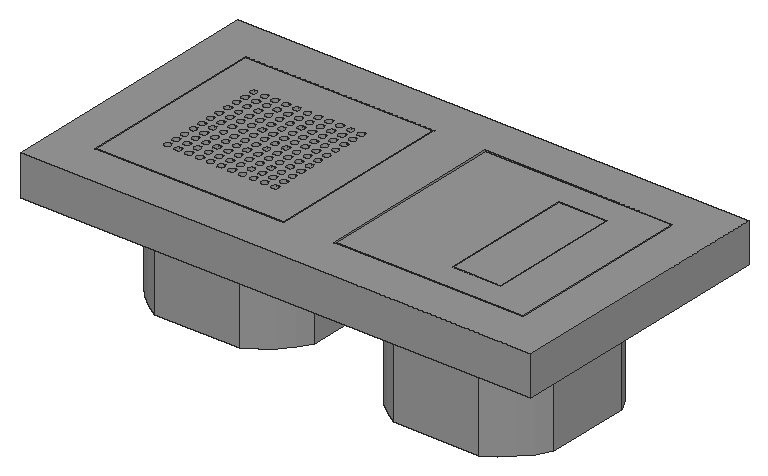
Revit family "Gira_228028", category Electrical Fixtures, host Face, Revit 2017
Family settings
  Host = Face
  Maintain Annotation Orientation = Yes
  Round Connector Dimension = Use Diameter
  Part Type = Normal
  Cut with Voids When Loaded = No
  Shared = No
  Room Calculation Point = No
Parameters (values of type "UP-Radio RDS Lautsprecher System 55 Anthrazit")
  Zusammenstellung = "Basiselement mit Gehäuse-Oberteil"
  Werkstoffgüte = "sonstige"
  Werkstoff = "sonstige"
  URL = "http://katalog.gira.de/de_DE/datenblatt.html?artikelnr=228028"
  Region = "DE"
  Oberfläche = "sonstige"
  Name = "UP-Radio RDS Lautsprecher System 55 Anthrazit"
  Montageart = "unter Putz"
  Manufacturer URL = "https://www.gira.de/"
  Keynote = "Sys55_Komplettgerät_UP-Radio"
  HeinzeBIM = "https://bimportal.heinze.de/bim/up-radio-rds-lautsprecher-system-55-anthrazit/1700b5892ac4bcd96844eb3dd96e375392fb3fc2"
  Halogenfrei = "No"
  HAN = "228028"
  GTIN = "4010337068044"
  Farbe = "anthrazit"
  Default Elevation = 1219.2 mm
  Data sheet (1) = "https://katalog.gira.de/de_DE/download.html?artikelnr=228028"
  Category = "Elektronik-Gerät für Installationsschalterprogramme"
  Befestigungsart = "Krallen-/Schraubbefestigung"
  Available = "Yes"
  Ausführung der Oberfläche = "glänzend"
  Ausführung = "Radio (*en-EN)"
Reference planes
  plane 1 "Center (Front/Back)": y = 0
  plane 2 "Reference Level 0": z = 0
  plane 3 "Center (Left/Right)": x = 0
  plane 4 "Reference Level 1": z = 11.9
Forms (mm)
  Extrusion 1, solid, material "White", detail levels medium+fine
    sketch origin (0, 0, 0) x (1, 0, 0) y (0, 1, 0)
      loop
        line (-75.892, 40.342) -> (-75.892, -40.342) -> (75.892, -40.342) -> (75.892, 40.342) -> (-75.892, 40.342)
      loop
        line (-7.45, 28.1) -> (-63.65, 28.1) -> (-63.65, -28.1) -> (-7.45, -28.1) -> (-7.45, 28.1)
      loop
        line (7.45, 28.1) -> (7.45, -28.1) -> (63.65, -28.1) -> (63.65, 28.1) -> (7.45, 28.1)
    from 0 to 11.9
  Extrusion 2, solid, material "White", detail levels fine
    sketch origin (0, 0, 0) x (1, 0, 0) y (0, 1, 0)
      loop
        circle (-19.55, 16) r 1
      loop
        circle (-22.75, 16) r 1
      loop
        circle (-25.95, 16) r 1
      loop
        circle (-29.15, 16) r 1
      loop
        circle (-32.35, 16) r 1
      loop
        circle (-35.55, 16) r 1
      loop
        circle (-38.75, 16) r 1
      loop
        circle (-41.95, 16) r 1
      loop
        circle (-45.15, 16) r 1
      loop
        circle (-48.35, 16) r 1
      loop
        circle (-51.55, 16) r 1
      loop
        circle (-19.55, 12.8) r 1
      loop
        circle (-22.75, 12.8) r 1
      loop
        circle (-25.95, 12.8) r 1
      loop
        circle (-29.15, 12.8) r 1
      loop
        circle (-32.35, 12.8) r 1
      loop
        circle (-35.55, 12.8) r 1
      loop
        circle (-38.75, 12.8) r 1
      loop
        circle (-41.95, 12.8) r 1
      loop
        circle (-45.15, 12.8) r 1
      loop
        circle (-48.35, 12.8) r 1
      loop
        circle (-51.55, 12.8) r 1
      loop
        circle (-19.55, 9.6) r 1
      loop
        circle (-22.75, 9.6) r 1
      loop
        circle (-25.95, 9.6) r 1
      loop
        circle (-29.15, 9.6) r 1
      loop
        circle (-32.35, 9.6) r 1
      loop
        circle (-35.55, 9.6) r 1
      loop
        circle (-38.75, 9.6) r 1
      loop
        circle (-41.95, 9.6) r 1
      loop
        circle (-45.15, 9.6) r 1
      loop
        circle (-48.35, 9.6) r 1
      loop
        circle (-51.55, 9.6) r 1
      loop
        circle (-19.55, 6.4) r 1
      loop
        circle (-22.75, 6.4) r 1
      loop
        circle (-25.95, 6.4) r 1
      loop
        circle (-29.15, 6.4) r 1
      loop
        circle (-32.35, 6.4) r 1
      loop
        circle (-35.55, 6.4) r 1
      loop
        circle (-38.75, 6.4) r 1
      loop
        circle (-41.95, 6.4) r 1
      loop
        circle (-45.15, 6.4) r 1
      loop
        circle (-48.35, 6.4) r 1
      loop
        circle (-51.55, 6.4) r 1
      loop
        circle (-19.55, 3.2) r 1
      loop
        circle (-22.75, 3.2) r 1
      loop
        circle (-25.95, 3.2) r 1
      loop
        circle (-29.15, 3.2) r 1
      loop
        circle (-32.35, 3.2) r 1
      loop
        circle (-35.55, 3.2) r 1
      loop
        circle (-38.75, 3.2) r 1
      loop
        circle (-41.95, 3.2) r 1
      loop
        circle (-45.15, 3.2) r 1
      loop
        circle (-48.35, 3.2) r 1
      loop
        circle (-51.55, 3.2) r 1
      loop
        circle (-19.55, 0) r 1
      loop
        circle (-22.75, 0) r 1
      loop
        circle (-25.95, 0) r 1
      loop
        circle (-29.15, 0) r 1
      loop
        circle (-32.35, 0) r 1
      loop
        circle (-35.55, 0) r 1
      loop
        circle (-38.75, 0) r 1
      loop
        circle (-41.95, 0) r 1
      loop
        circle (-45.15, 0) r 1
      loop
        circle (-48.35, 0) r 1
      loop
        circle (-51.55, 0) r 1
      loop
        circle (-19.55, -3.2) r 1
      loop
        circle (-22.75, -3.2) r 1
      loop
        circle (-25.95, -3.2) r 1
      loop
        circle (-29.15, -3.2) r 1
      loop
        circle (-32.35, -3.2) r 1
      loop
        circle (-35.55, -3.2) r 1
      loop
        circle (-38.75, -3.2) r 1
      loop
        circle (-41.95, -3.2) r 1
      loop
        circle (-45.15, -3.2) r 1
      loop
        circle (-48.35, -3.2) r 1
      loop
        circle (-51.55, -3.2) r 1
      loop
        circle (-19.55, -6.4) r 1
      loop
        circle (-22.75, -6.4) r 1
      loop
        circle (-25.95, -6.4) r 1
      loop
        circle (-29.15, -6.4) r 1
      loop
        circle (-32.35, -6.4) r 1
      loop
        circle (-35.55, -6.4) r 1
      loop
        circle (-38.75, -6.4) r 1
      loop
        circle (-41.95, -6.4) r 1
      loop
        circle (-45.15, -6.4) r 1
      loop
        circle (-48.35, -6.4) r 1
      loop
        circle (-51.55, -6.4) r 1
      loop
        circle (-19.55, -9.6) r 1
      loop
        circle (-22.75, -9.6) r 1
      loop
        circle (-25.95, -9.6) r 1
      loop
        circle (-29.15, -9.6) r 1
      loop
        circle (-32.35, -9.6) r 1
      loop
        circle (-35.55, -9.6) r 1
      loop
        circle (-38.75, -9.6) r 1
      loop
        circle (-41.95, -9.6) r 1
      loop
        circle (-45.15, -9.6) r 1
      loop
        circle (-48.35, -9.6) r 1
      loop
        circle (-51.55, -9.6) r 1
      loop
        circle (-19.55, -12.8) r 1
      loop
        circle (-22.75, -12.8) r 1
      loop
        circle (-25.95, -12.8) r 1
      loop
        circle (-29.15, -12.8) r 1
      loop
        circle (-32.35, -12.8) r 1
      loop
        circle (-35.55, -12.8) r 1
      loop
        circle (-38.75, -12.8) r 1
      loop
        circle (-41.95, -12.8) r 1
      loop
        circle (-45.15, -12.8) r 1
      loop
        circle (-48.35, -12.8) r 1
      loop
        circle (-51.55, -12.8) r 1
      loop
        circle (-19.55, -16) r 1
      loop
        circle (-22.75, -16) r 1
      loop
        circle (-25.95, -16) r 1
      loop
        circle (-29.15, -16) r 1
      loop
        circle (-32.35, -16) r 1
      loop
        circle (-35.55, -16) r 1
      loop
        circle (-38.75, -16) r 1
      loop
        circle (-41.95, -16) r 1
      loop
        circle (-45.15, -16) r 1
      loop
        circle (-48.35, -16) r 1
      loop
        circle (-51.55, -16) r 1
      loop
        line (-63.25, 27.7) -> (-63.25, -27.7) -> (-7.85, -27.7) -> (-7.85, 27.7) -> (-63.25, 27.7)
    from 0 to 11.9
  Extrusion 3, solid, material "White", detail levels fine
    sketch origin (0, 0, 0) x (1, 0, 0) y (0, 1, 0)
      loop
        line (7.95, 27.7) -> (7.95, -27.7) -> (63.35, -27.7) -> (63.35, 27.7) -> (7.95, 27.7)
      loop
        line (35.999, -19.679) -> (50.301, -19.679) -> (50.229, 19.679) -> (36.071, 19.679) -> (35.999, -19.679)
    from 0 to 11.9
  Extrusion 4, solid, material "White", detail levels fine
    sketch origin (0, 0, 0) x (1, 0, 0) y (0, 1, 0)
      loop
        line (35.999, -19.679) -> (50.301, -19.679) -> (50.229, 19.679) -> (36.071, 19.679) -> (35.999, -19.679)
    from 0 to 11.9
  Extrusion 5, solid, material "White", detail levels medium
    sketch origin (0, 0, 0) x (1, 0, 0) y (0, 1, 0)
      loop
        line (-63.65, 28.1) -> (-63.65, -28.1) -> (-7.45, -28.1) -> (-7.45, 28.1) -> (-63.65, 28.1)
    from 0 to 11.9
  Extrusion 6, solid, material "White", detail levels medium
    sketch origin (0, 0, 0) x (1, 0, 0) y (0, 1, 0)
      loop
        line (7.45, 28.1) -> (7.45, -28.1) -> (63.65, -28.1) -> (63.65, 28.1) -> (7.45, 28.1)
    from 0 to 11.9
  Extrusion 7, solid, material "Grey", detail levels fine
    sketch origin (0, 0, 0) x (1, 0, 0) y (0, 1, 0)
      loop
        arc (10.55, -12.61) -> (15.751, -19.799) -> (22.94, -25) r 28
        line (22.94, -25) -> (48.16, -25)
        arc (48.16, -25) -> (55.349, -19.799) -> (60.55, -12.61) r 28
        line (60.55, -12.61) -> (60.55, 12.61)
        arc (60.55, 12.61) -> (55.349, 19.799) -> (48.16, 25) r 28
        line (48.16, 25) -> (22.94, 25)
        arc (22.94, 25) -> (15.751, 19.799) -> (10.55, 12.61) r 28
        line (10.55, 12.61) -> (10.55, -12.61)
    from 0 to -31.7
  Extrusion 8, solid, material "Grey", detail levels fine
    sketch origin (0, 0, 0) x (-1, 0, 0) y (0, -1, 0)
      loop
        line (10.55, 12.61) -> (10.55, -12.61)
        arc (10.55, -12.61) -> (15.751, -19.799) -> (22.94, -25) r 28
        line (22.94, -25) -> (48.16, -25)
        arc (48.16, -25) -> (55.349, -19.799) -> (60.55, -12.61) r 28
        line (60.55, -12.61) -> (60.55, 12.61)
        arc (60.55, 12.61) -> (55.349, 19.799) -> (48.16, 25) r 28
        line (48.16, 25) -> (22.94, 25)
        arc (22.94, 25) -> (15.751, 19.799) -> (10.55, 12.61) r 28
    from 0 to -28
  Extrusion 9, solid, detail levels medium
    sketch origin (0, 0, 0) x (-1, 0, 0) y (0, -1, 0)
      loop
        line (10.55, 25) -> (10.55, -25) -> (60.55, -25) -> (60.55, 25) -> (10.55, 25)
    from 0 to -28
  Extrusion 10, solid, detail levels medium
    sketch origin (0, 0, 0) x (1, 0, 0) y (0, 1, 0)
      loop
        line (10.55, -25) -> (60.55, -25) -> (60.55, 25) -> (10.55, 25) -> (10.55, -25)
    from 0 to -31.7
  Extrusion 11, solid, material "Grey", detail levels coarse
    sketch origin (0, 0, 0) x (1, 0, 0) y (0, 1, 0)
      loop
        line (-75.892, 40.342) -> (-75.892, -40.342) -> (75.892, -40.342) -> (75.892, 40.342) -> (-75.892, 40.342)
    from -31.7 to 11.9
Cuts and joins
  joined: Extrusion 7, Extrusion 8
  joined: Extrusion 9, Extrusion 10
Dimensions and locks
  aligned and locked: plane 2 "Reference Level 0" to host face
  aligned and locked: level to host face
Nested families
  nested 1: "Radio Beschriftung" at (0, 0, 0) x (0, 1, 0) z (0, 0, 1), type "Radio Beschriftung"
Connectors
  electrical at (-35.55, 0, -28)
    settings: on cut or joined group of Extrusion 7, Extrusion 8, index 1, voltage 220 V, apparent load 0 VA, apparent load phase1 0 VA, apparent load phase2 0 VA, apparent load phase3 0 VA, power factor 1, load classification "Other", number of poles 1, system type 31, power factor state 1, is connector primary yes, connector utility no, sub classification motor no, connector description ""
Definition of nested family "Radio Beschriftung"
  Reference planes
    plane 1: y = 0
    plane 2: x = 0
  Lines and regions (mm)
    detail lines
      curve 1: line (0, 1, 0) -> (3, 1, 0)
      curve 2: line (0, -1, 0) -> (0, 1, 0)
      curve 3: line (3, -1, 0) -> (0, -1, 0)
      curve 4: line (3, 1, 0) -> (3, -1, 0)
      curve 5: line (2, 1, 0) -> (2, -1, 0)
      curve 6: line (3, 1, 0) -> (2, 0.49, 0)
      curve 7: line (3, -1, 0) -> (2, -0.49, 0)
  Dimensions and locks
    curve 2 to curve 4 = 3 mm
    curve 3 to curve 1 = 2 mm
